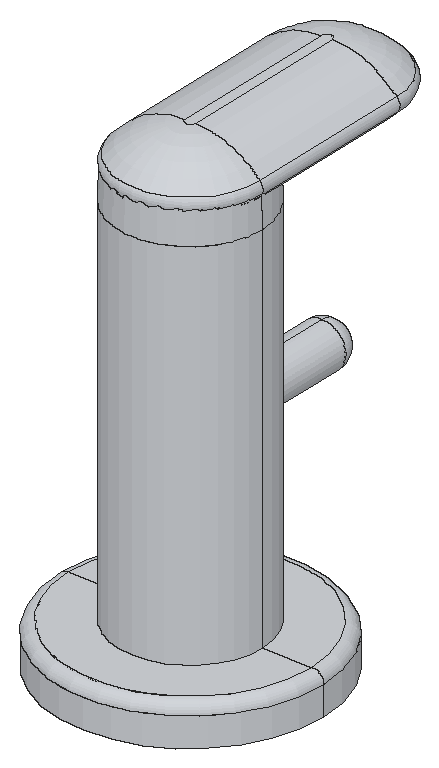
Revit family "Accessory-Robe_Hook-KOHLER-Kumin-K-97897M_1", category Specialty Equipment, host Face, Revit 2017
Family settings
  Host = Face
  Round Connector Dimension = Use Diameter
  Part Type = Normal
  OmniClass Number = 23.31.25.27
  OmniClass Title = Robe Hooks
  Cut with Voids When Loaded = No
  Shared = No
  Room Calculation Point = No
Parameters (values of type "CP-Polished Chrome")
  Width = 1 13/16"  # constant formula
  WaterSense Certified = 1 = 0  # no
  URL = "https://la.kohler.com/es?country=MX"
  Type = 1
  Product Page URL = "https://la.kohler.com/es/product-detail/97897m?skuid=K-97897M-CP"
  Product Name = "Kumin"  # constant formula
  Product Documentation Link = "http://resources.kohler.com/plumbing/kohlerla/pdf/K-97897%20KUMIN%20Spec%20Sheet.pdf"
  Model = "K-97897M-CP"  # constant formula
  Material = "Premium Metal Construction"  # constant formula
  Master Format 2014 Name = "Toilet, Bath, and Laundry Accessories"  # constant formula
  Master Format 2014 = "10 28 00"  # constant formula
  Manufacturer Address = "KOHLER Co. 444 Highland Dr. Kohler, WI 53044"  # constant formula
  Manufacturer = "KOHLER Co."  # constant formula
  Length = 3 5/16"  # constant formula
  Height = 2 9/16"  # constant formula
  Finish = Kohler-Metal-CP-Polished_Chrome
  Environmental Product Declaration = ""
  Description = "Double robe hook"  # constant formula
  Default Elevation = 42"
  Declare Label = ""
  Date Modified = "05/21/2021"  # constant formula
  Date Created = "05/21/2021"  # constant formula
  Copyright = "Copyright KOHLER Co."  # constant formula
  Contact Us = "https://la.kohler.com/es/contact-us-page"
  Assembly Code = "C1030200"
  ADA Compliant = 1 = 0  # no
Reference planes (in)
  plane 1 "Center (Front/Back)": y = 0
  plane 2: z = 0
  plane 3 "Center (Left/Right)": x = 0
  plane 4: x = -0.90625
  plane 5: x = -0.49213
  plane 6: x = 0.90625
  plane 7: x = 0.49213
  plane 8: y = 0.90625
  plane 9: y = 0.49213
  plane 10: y = -0.90625
  plane 11: y = -0.49213
  plane 12: y = 1.65625
  plane 13: z = 3.3125
  plane 14: z = 1.45669
  plane 15: z = 0.27559
  plane 16: z = 2.82667
Dimensions and locks (in)
  plane 8 to plane 10 = 1 13/16"
  "Height": plane 10 to plane 12
  "Width": plane 4 to plane 6
  "Length": plane 13 to level
  aligned and locked: plane 2 to host face
  aligned and locked: level to host face
Automatic sketch dimensions
  host sketch curve to host sketch curve = 96"  (x2)
Nested families (in)
  nested 1: "K-97897M" at (0, 0, 0), type "K-97897M"
Definition of nested family "K-97897M"
  Parameters (values of type "K-97897M")
    Material = none
  Reference planes (in)
    plane 1 "Center (Front/Back)": y = 0
    plane 2: z = 0
    plane 3 "Center (Left/Right)": x = 0
    plane 4: y = 0.90625
    plane 5: z = 3.3125
    plane 6: y = 1.65625
    plane 7: y = -0.90625
    plane 8: x = -0.90625
    plane 9: x = 0.90625
    plane 10: z = 0.27559
    plane 11: z = 1.45669
    plane 12: y = 0.49213
    plane 13: y = -0.49213
    plane 14: x = 0.49213
    plane 15: x = -0.49213
    plane 16: z = 2.82667
  Forms (in)
    Revolve 1, solid, material <- "Material", detail levels medium+fine
      sketch origin (0, 0, 0) x (1, 0, 0) y (0, 0, 1)
        loop
          line (-0.90625, 0) -> (0, 0) -> (0, 3.05731) -> (-0.48914, 3.05731)
          arc (-0.48914, 3.05731) -> (-0.49138, 2.94218) -> (-0.49213, 2.82703) r 8.88997
          line (-0.49213, 2.82703) -> (-0.49213, 0.27559) -> (-0.82862, 0.27559)
          arc (-0.82862, 0.27559) -> (-0.88351, 0.25285) -> (-0.90625, 0.19796) r 0.07763
          line (-0.90625, 0.19796) -> (-0.90625, 0)
        axis (0, 0) -> (0, 3.05731)
      angle from 0 to 360
    Extrusion 2, solid, material <- "Material", detail levels medium+fine
      sketch origin (0, 0, -0.02097) x (1, 0, 0) y (0, 0, 1)
        loop
          arc (-0.47336, 3.04042) -> (-0.27753, 2.89802) -> (-0.04069, 2.84764) r 0.5819
          line (-0.04069, 2.84764) -> (0.04069, 2.84764)
          arc (0.04069, 2.84764) -> (0.27753, 2.89802) -> (0.47336, 3.04042) r 0.5819
          arc (0.47336, 3.04042) -> (0.492, 3.08898) -> (0.47343, 3.13757) r 0.0727
          arc (0.47343, 3.13757) -> (0.27494, 3.28226) -> (0.03469, 3.33346) r 0.58925
          line (0.03469, 3.33346) -> (-0.03469, 3.33346)
          arc (-0.03469, 3.33346) -> (-0.27494, 3.28226) -> (-0.47343, 3.13757) r 0.58925
          arc (-0.47343, 3.13757) -> (-0.492, 3.08898) -> (-0.47336, 3.04042) r 0.0727
      from -1.16459 to 0
    Revolve 3, solid, material <- "Material", detail levels medium+fine
      sketch origin (0, 0, 0) x (0, 1, 0) y (0, 0, 1)
        loop
          line (0.33181, 1.45669) -> (1.27953, 1.45669)
          arc (1.27953, 1.45669) -> (1.2334, 1.56805) -> (1.12205, 1.61417) r 0.15748
          line (1.12205, 1.61417) -> (0.33181, 1.61417) -> (0.33181, 1.45669)
        axis (1.27953, 1.45669) -> (0.33181, 1.45669)
      angle from 360 to 0
    Revolve 4, solid, material <- "Material", detail levels coarse
      sketch origin (0, 0, 0) x (0, 1, 0) y (0, 0, 1)
        loop
          line (0, 0) -> (0.90625, 0) -> (0.90625, 0.29789) -> (0.49213, 0.29789) -> (0.49213, 2.93682) -> (0, 2.93682) -> (0, 0)
        axis (0, 2.93682) -> (0, 0)
      angle from -180 to 180
    Extrusion 5, solid, material <- "Material", detail levels coarse
      sketch origin (0, 0, 0) x (0, 1, 0) y (0, 0, 1)
        loop
          line (1.65625, 3.3125) -> (-0.49213, 3.3125) -> (-0.49213, 2.73691) -> (1.65625, 2.73691) -> (1.65625, 3.3125)
      from -0.49244 to 0.49244
    Sweep 6, solid, material <- "Material", detail levels medium+fine
      path origin (0, 0, 0) x (1, 0, 0) y (0, 1, 0)
        loop
          arc (0.49265, 1.16459) -> (0, 1.65724) -> (-0.49265, 1.16459) r 0.49265
      profile origin (0, 1.65724, 0) x (0, -1, 0) y (0, 0, 1)
        loop
          line (0.49069, 3.3125) -> (0.45796, 3.3125)
          arc (0.45796, 3.3125) -> (0.21772, 3.2613) -> (0.01922, 3.1166) r 0.58925
          arc (0.01922, 3.1166) -> (0.00065, 3.06802) -> (0.0193, 3.01946) r 0.0727
          arc (0.0193, 3.01946) -> (0.21513, 2.87705) -> (0.45196, 2.82667) r 0.5819
          line (0.45196, 2.82667) -> (0.49069, 2.82667) -> (0.49069, 3.3125)
    Sweep 7, solid, material <- "Material", detail levels medium+fine
      path origin (0, 1.16459, 0) x (1, 0, 0) y (0, -1, 0)
        loop
          arc (0.49265, 1.16459) -> (0, 1.65724) -> (-0.49265, 1.16459) r 0.49265
      profile origin (0, -0.49265, 0) x (0, -1, 0) y (0, 0, 1)
        loop
          line (-0.49069, 3.3125) -> (-0.49069, 2.82667) -> (-0.45196, 2.82667)
          arc (-0.45196, 2.82667) -> (-0.21513, 2.87705) -> (-0.0193, 3.01946) r 0.5819
          arc (-0.0193, 3.01946) -> (-0.00065, 3.06802) -> (-0.01922, 3.1166) r 0.0727
          arc (-0.01922, 3.1166) -> (-0.21772, 3.2613) -> (-0.45796, 3.3125) r 0.58925
          line (-0.45796, 3.3125) -> (-0.49069, 3.3125)
    Extrusion 8, solid, material <- "Material", detail levels coarse
      sketch origin (0, 0, 0) x (1, 0, 0) y (0, 0, 1)
        loop
          circle (0, 1.45669) r 0.15748
      from -1.27943 to -0.40041
  Cuts and joins
    joined: Revolve 1, Revolve 3
    joined: Revolve 4, Extrusion 5, Extrusion 8
    joined: Extrusion 2, Sweep 6, Sweep 7
  Lines and regions (in)
    Masking region 1
      outline origin (0, 0, 0) x (1, 0, 0) y (0, 0, 1)
        loop
          line (-0.90625, 0) -> (0.90625, 0) -> (0.90625, 0.19868)
          arc (0.90625, 0.19868) -> (0.88372, 0.25306) -> (0.82934, 0.27559) r 0.07691
          line (0.82934, 0.27559) -> (0.49213, 0.27559) -> (0.49213, 3.05731)
          arc (0.49213, 3.05731) -> (0.49007, 3.08436) -> (0.47782, 3.10857) r 0.06961
          arc (0.47782, 3.10857) -> (0.44151, 3.14336) -> (0.40311, 3.17584) r 0.811
          arc (0.40311, 3.17584) -> (0.33989, 3.21913) -> (0.27193, 3.25453) r 0.63775
          arc (0.27193, 3.25453) -> (0.13902, 3.29784) -> (0, 3.3125) r 0.66677
          arc (0, 3.3125) -> (-0.13902, 3.29784) -> (-0.27193, 3.25453) r 0.66677
          arc (-0.27193, 3.25453) -> (-0.33989, 3.21913) -> (-0.40311, 3.17584) r 0.63775
          arc (-0.40311, 3.17584) -> (-0.44151, 3.14336) -> (-0.47782, 3.10857) r 0.811
          arc (-0.47782, 3.10857) -> (-0.49007, 3.08436) -> (-0.49213, 3.05731) r 0.06961
          line (-0.49213, 3.05731) -> (-0.49213, 0.27559) -> (-0.82934, 0.27559)
          arc (-0.82934, 0.27559) -> (-0.88372, 0.25306) -> (-0.90625, 0.19868) r 0.07691
          line (-0.90625, 0.19868) -> (-0.90625, 0)
    Masking region 2
      outline origin (0, 0, 0) x (1, 0, 0) y (0, 1, 0)
        loop
          arc (-0.49244, 0.76079) -> (0, -0.90625) -> (0.49244, 0.76079) r 0.90625
          line (0.49244, 0.76079) -> (0.49244, 1.16381)
          arc (0.49244, 1.16381) -> (0.3488, 1.51262) -> (0, 1.65625) r 0.4904
          arc (0, 1.65625) -> (-0.3488, 1.51262) -> (-0.49244, 1.16381) r 0.4904
          line (-0.49244, 1.16381) -> (-0.49244, 0.76079)
    Masking region 3
      outline origin (0, 0, 0) x (0, 1, 0) y (0, 0, 1)
        loop
          line (1.17114, 3.3125) -> (-0.00217, 3.3125)
          arc (-0.00217, 3.3125) -> (-0.26433, 3.25758) -> (-0.48242, 3.10207) r 0.65325
          arc (-0.48242, 3.10207) -> (-0.48964, 3.0879) -> (-0.49213, 3.0722) r 0.05082
          line (-0.49213, 3.0722) -> (-0.49213, 0.27559) -> (-0.82895, 0.27559)
          arc (-0.82895, 0.27559) -> (-0.88361, 0.25295) -> (-0.90625, 0.19829) r 0.0773
          line (-0.90625, 0.19829) -> (-0.90625, 0) -> (0, 0) -> (0.90625, 0) -> (0.90625, 0.19829)
          arc (0.90625, 0.19829) -> (0.88361, 0.25295) -> (0.82895, 0.27559) r 0.0773
          line (0.82895, 0.27559) -> (0.49213, 0.27559) -> (0.49213, 1.29921) -> (1.12205, 1.29921)
          arc (1.12205, 1.29921) -> (1.27953, 1.45669) -> (1.12205, 1.61417) r 0.15748
          line (1.12205, 1.61417) -> (0.49213, 1.61417) -> (0.49213, 2.47114)
          arc (0.49213, 2.47114) -> (0.50485, 2.58197) -> (0.54236, 2.68703) r 0.48908
          arc (0.54236, 2.68703) -> (0.63456, 2.78891) -> (0.76668, 2.82667) r 0.25
          line (0.76668, 2.82667) -> (1.18353, 2.82667)
          arc (1.18353, 2.82667) -> (1.34546, 2.85285) -> (1.4968, 2.91609) r 0.69815
          arc (1.4968, 2.91609) -> (1.57205, 2.9663) -> (1.63898, 3.02717) r 0.60488
          arc (1.63898, 3.02717) -> (1.65652, 3.06993) -> (1.63885, 3.11264) r 0.06065
          arc (1.63885, 3.11264) -> (1.59981, 3.14916) -> (1.55829, 3.18285) r 0.75787
          arc (1.55829, 3.18285) -> (1.37528, 3.27923) -> (1.17114, 3.3125) r 0.64285
    symbolic lines, detail levels medium+fine
      curve 1: line (-0.4909, 0, 3.05731) -> (0.49103, 0, 3.05731)
      curve 2: line (-0.49213, 0, 0.27559) -> (0.49213, 0, 0.27559)
      curve 3: arc (0, 0, 1.61417) -> (-0.15748, 0, 1.45669) -> (0, 0, 1.29921) r 0.15748
      curve 4: arc (0, 0, 1.29921) -> (0.15748, 0, 1.45669) -> (0, 0, 1.61417) r 0.15748
      curve 5: line (-0.49244, 0.76079, 0) -> (-0.49244, 0, 0)
      curve 6: arc (-0.49244, 0, 0) -> (0, -0.49244, 0) -> (0.49244, 0, 0) r 0.49244
      curve 7: line (0.49244, 0.76079, 0) -> (0.49244, 0, 0)
      curve 8: line (0, 1.65673, 3.05731) -> (0, -0.49207, 3.05731)
      curve 9: line (0, 0.49213, 0.27559) -> (0, -0.49213, 0.27559)
      curve 10: arc (0, 0.49213, 1.61417) -> (0, 0.46301, 1.45669) -> (0, 0.49213, 1.29921) r 0.44039
      curve 11: arc (-0.49207, 0, 3.06463) -> (-0.4893, 0, 3.04718) -> (-0.47968, 0, 3.03235) r 0.04257
      curve 12: arc (-0.47968, 0, 3.03235) -> (-0.41139, 0, 2.96998) -> (-0.33504, 0, 2.91781) r 0.65793
      curve 13: arc (-0.33504, 0, 2.91781) -> (-0.17356, 0, 2.85003) -> (0, 0, 2.82667) r 0.66636
      curve 14: arc (0.49207, 0, 3.06463) -> (0.4893, 0, 3.04718) -> (0.47968, 0, 3.03235) r 0.04257
      curve 15: arc (0.47968, 0, 3.03235) -> (0.41139, 0, 2.96998) -> (0.33504, 0, 2.91781) r 0.65793
      curve 16: arc (0.33504, 0, 2.91781) -> (0.17356, 0, 2.85003) -> (0, 0, 2.82667) r 0.66636
  Dimensions and locks (in)
    plane 4 to plane 1 "Center (Front/Back)" = 29/32"
    plane 5 to level = 3 5/16"
    plane 6 to plane 7 = 2 9/16"
    plane 3 "Center (Left/Right)" to plane 8 = 29/32"
    aligned and locked: plane 2 to level
